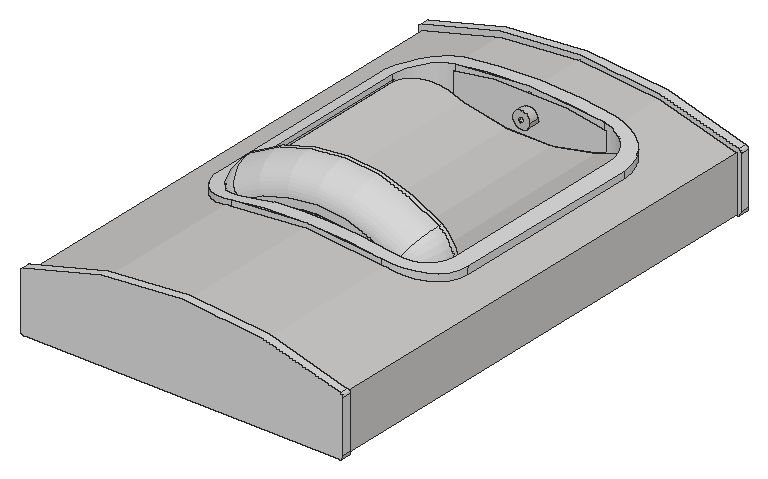
Revit family "Bottle_Filler-Sensor_Operated-Murdock-BFI6_Series", category Plumbing Fixtures, host Face, Revit 2018
Family settings
  Host = Face
  Round Connector Dimension = Use Diameter
  Part Type = Normal
  OmniClass Number = 23.65.70.14.11
  OmniClass Title = Drinking Fountains/Coolers
  Cut with Voids When Loaded = Yes
  Shared = Yes
  Room Calculation Point = No
Parameters (values of type "BF16")
  Width = 7 3/8"  # constant formula
  Waste Connection Width = 3 1/2"
  Waste Connection Radius = 3/4"
  Waste Connection Height = 29 1/8"  # constant formula
  Waste Connection Diameter = Waste Connection Radius * 2  # 1 1/2"
  Waste Connection = yes
  Warranty Information = "Murdock warrants that its products are free from defects in material or workmanship under normal use and service for a period of one year from date of shipment from the factory. Murdocks’s liability under this warranty shall be discharged solely by repair or replacement of defective material, provided Murdock is notified in writing within the time periods described above. This warranty does not cover installation or labor charges and does not apply to materials, which have been damaged by other causes such as mishandling or improper care or abnormal use. The repair or replacement of the defective materials shall constitute the sole remedy of the Buyer and the sole remedy of Murdock under this warranty. Murdock shall not be liable under any circumstances for incidental, consequential or direct charges caused by defects in the materials, or any delay in the repair or replacement thereof.  This warranty is in lieu of all other warranties expressed or implied. Product maintenance instructions are issued with each unit and disregard or non-compliance with these instructions will constitute an abnormal use condition and void the warranty. Stainless steel must be protected on jobsite during construction and must be properly maintained after the water has been introduced into the water cooler or drinking fountain, or Murdock’s limited warranty is void."  # constant formula
  WFU = 2  # constant formula
  WF3 - 3000 gallon capacity, NSF 42+53, 1 micron Lead Reduction Water Filter = no
  WF1 - 1500 gallon capacity, NSF 42+53, 1 micron Lead Reduction Water Filter = no
  Vent Connection = no
  URL = "https://www.murdockmfg.com/home"
  Type Comments = ""
  Transformer Specification = "120 VAC/9 VDC plug-in Transformer"  # constant formula
  Sink Material = Metal-Murdock-304-Stainless_Steel-Light_Grey
  Product Page URL = "https://www.murdockmfg.com/product.aspx?ProductId=308"
  Product Documentation Link = "https://www.murdockmfg.com/uploads/fileLibrary/BF16.pdf"
  Price = "Prices may vary. Please consult Manufacturer Representative for most up-to-date price list."  # constant formula
  Pressure Range = "20 to 105 PSIG"  # constant formula
  Model = "BF16"
  Maximum Run Time = "20 Seconds"  # constant formula
  Manufacturer = "Murdock Mfg."  # constant formula
  Length = 18 1/4"  # constant formula
  LOGO - Customer Specified Logo / Graphics = no
  Installation Type = "Wall Mounted"  # constant formula
  IAPMO Compliance = "Certified to ANSI A117.1, Public Law 111-380 (NO-LEAD), CHSC\n116875 and NSF/ANSI 61, Section 9."  # constant formula
  Height = 29 1/2"  # constant formula
  HWFU = 0
  HW Connection = yes
  Flow Rate = "1.00 GPM"  # constant formula
  Fill Rate = "1.1 GPM"  # constant formula
  Description = "Surface Mounted Sensor Operated Bottle Filler"  # constant formula
  Default Elevation = 34 1/2"  # constant formula
  Creation Date = "02/25/2021"  # constant formula
  Cold Water Connection Width = 6 1/4"
  Cold Water Connection Radius = Cold Water Connection Diameter / 2  # 3/16"
  Cold Water Connection Height = 26 1/4"  # constant formula
  Cold Water Connection Diameter = 3/8"
  CWFU = 1.5  # constant formula
  CW Connection = yes
  Body Material = Metal-Murdock-304-Stainless_Steel
  Basin Shape = "Oval"  # constant formula
  BCD - Bottle Counter Display = no
  BAT - Battery Operated (N/A With Bottle Counter) = no
  Assembly Code = "D2010800"
  110VAC Electrical Duplex Receptacle, by others = yes
Types (3): name | Model | BCD - Bottle Counter Display
  (no name) | "BF16" | no
  BF16 | "BF16" | no
  BF16-BCD | "BF16-BCD" | yes
Reference planes (in)
  plane 1 "Center (Front/Back)": y = 0
  plane 2: z = 0
  plane 3 "Center (Left/Right)": x = 0
  plane 4: y = 14.75
  plane 5: y = -14.75
  plane 6: y = -14.25
  plane 7: y = -10.875
  plane 8: y = -8
  plane 9: y = -4.84375
  plane 10: y = -4.15625
  plane 11: y = -2.625
  plane 12: y = 10
  plane 13: y = 10.53125
  plane 14: y = 14.25
  plane 15: z = 5
  plane 16: z = 7.375
  plane 17: z = 4.875
  plane 18: z = 3.625
  plane 19: z = 2.4375
  plane 20: z = -2
  plane 21: x = -9.125
  plane 22: x = 9.125
  plane 23: x = 3.5
  plane 24: x = 6.25
  plane 25: x = -4
  plane 26: y = -37.125
  plane 27: y = -9.25
Forms (in)
  Extrusion 1, solid, material "Metal-Murdock-304-Stainless_Steel-Light_Grey" <- "Sink Material"
    sketch origin (21.84744, 29.5, 0) x (1, 0, 0) y (0, 0, -1)
      loop
        line (-12.44119, -3.27179) -> (-12.44119, -0.25)
        arc (-12.44119, -0.25) -> (-12.51441, -0.07322) -> (-12.69119, 0) r 0.25
        line (-12.69119, 0) -> (-31.00369, 0)
        arc (-31.00369, 0) -> (-31.18046, -0.07322) -> (-31.25369, -0.25) r 0.25
        line (-31.25369, -0.25) -> (-31.25369, -3.27179)
        arc (-31.25369, -3.27179) -> (-31.20878, -3.41475) -> (-31.09018, -3.50635) r 0.25
        arc (-31.09018, -3.50635) -> (-21.84744, -5.15625) -> (-12.60469, -3.50635) r 26.71394
        arc (-12.60469, -3.50635) -> (-12.4861, -3.41475) -> (-12.44119, -3.27179) r 0.25
    from -44.25 to -43.75
  Extrusion 2, solid, material "Metal-Murdock-304-Stainless_Steel" <- "Body Material"
    sketch origin (21.84744, 29.5, 0) x (1, 0, 0) y (0, 0, -1)
      loop
        arc (-30.97244, -3.25) -> (-21.84744, -4.875) -> (-12.72244, -3.25) r 26.43269
        line (-12.72244, -3.25) -> (-12.72244, 0) -> (-30.97244, 0) -> (-30.97244, -3.25)
    from -43.75 to -15.25
  Extrusion 3, solid, material "Metal-Murdock-304-Stainless_Steel-Light_Grey" <- "Sink Material"
    sketch origin (21.84744, -29.5, 0) x (1, 0, 0) y (0, 0, 1)
      loop
        arc (-12.44119, 3.27179) -> (-12.4861, 3.41475) -> (-12.60469, 3.50635) r 0.25
        arc (-12.60469, 3.50635) -> (-21.84744, 5.15625) -> (-31.09018, 3.50635) r 26.71394
        arc (-31.09018, 3.50635) -> (-31.20878, 3.41475) -> (-31.25369, 3.27179) r 0.25
        line (-31.25369, 3.27179) -> (-31.25369, 0.25)
        arc (-31.25369, 0.25) -> (-31.18046, 0.07322) -> (-31.00369, 0) r 0.25
        line (-31.00369, 0) -> (-12.69119, 0)
        arc (-12.69119, 0) -> (-12.51441, 0.07322) -> (-12.44119, 0.25) r 0.25
        line (-12.44119, 0.25) -> (-12.44119, 3.27179)
    from -44.25 to -43.75
  Extrusion 4, solid
    sketch origin (21.81619, 14.75, 0) x (1, 0, 0) y (0, 0, -1)
      loop
        arc (-15.56636, -4.00081) -> (-21.81254, -2.43755) -> (-28.06678, -3.96826) r 13.3997
        arc (-28.06678, -3.96826) -> (-27.83311, -4.85978) -> (-27.21251, -5.54115) r 1.92906
        arc (-27.21251, -5.54115) -> (-21.81619, -7.18331) -> (-16.41987, -5.54115) r 9.68749
        arc (-16.41987, -5.54115) -> (-15.80709, -4.87406) -> (-15.56636, -4.00081) r 1.92906
      loop
        circle (-21.84744, -4.875) r 0.5
      loop
        circle (-21.84744, -4.875) r 0.38108
      loop
        arc (-22.45201, -6.24476) -> (-22.7604, -5.58885) -> (-22.85405, -4.87014) r 2.34791
        arc (-22.85405, -4.87014) -> (-22.7604, -4.15144) -> (-22.45201, -3.49553) r 2.34791
        arc (-22.45201, -3.49553) -> (-22.48521, -3.32518) -> (-22.65546, -3.35891) r 0.12253
        arc (-22.65546, -3.35891) -> (-22.99922, -4.0806) -> (-23.12422, -4.87014) r 2.78993
        arc (-23.12422, -4.87014) -> (-22.99922, -5.65969) -> (-22.65546, -6.38138) r 2.78993
        arc (-22.65546, -6.38138) -> (-22.48521, -6.41511) -> (-22.45201, -6.24476) r 0.12253
      loop
        arc (-23.35405, -4.87014) -> (-23.2604, -4.15144) -> (-22.95201, -3.49553) r 2.34791
        arc (-22.95201, -3.49553) -> (-22.98521, -3.32518) -> (-23.15546, -3.35891) r 0.12253
        arc (-23.15546, -3.35891) -> (-23.49922, -4.0806) -> (-23.62422, -4.87014) r 2.78993
        arc (-23.62422, -4.87014) -> (-23.49922, -5.65969) -> (-23.15546, -6.38138) r 2.78993
        arc (-23.15546, -6.38138) -> (-22.98521, -6.41511) -> (-22.95201, -6.24476) r 0.12253
        arc (-22.95201, -6.24476) -> (-23.2604, -5.58885) -> (-23.35405, -4.87014) r 2.34791
      loop
        arc (-23.3389, -6.28319) -> (-23.87523, -4.74985) -> (-23.55313, -3.15767) r 3.06679
        arc (-23.55313, -3.15767) -> (-23.62111, -2.95019) -> (-23.82874, -3.01772) r 0.15456
        arc (-23.82874, -3.01772) -> (-24.18694, -4.771) -> (-23.59094, -6.45833) r 3.34804
        arc (-23.59094, -6.45833) -> (-23.37759, -6.49642) -> (-23.3389, -6.28319) r 0.15346
      loop
        arc (-23.79717, -6.56027) -> (-24.44367, -4.95287) -> (-24.13648, -3.24778) r 3.13106
        arc (-24.13648, -3.24778) -> (-24.1942, -3.0781) -> (-24.36376, -3.13618) r 0.1266
        arc (-24.36376, -3.13618) -> (-24.69249, -4.97874) -> (-23.99988, -6.71753) r 3.41231
        arc (-23.99988, -6.71753) -> (-23.81967, -6.74055) -> (-23.79717, -6.56027) r 0.12828
      loop
        arc (-24.37064, -6.53492) -> (-24.88044, -4.98809) -> (-24.67538, -3.37236) r 3.69356
        arc (-24.67538, -3.37236) -> (-24.7509, -3.21093) -> (-24.91222, -3.28667) r 0.12593
        arc (-24.91222, -3.28667) -> (-25.12941, -5.01228) -> (-24.58905, -6.66542) r 3.97481
        arc (-24.58905, -6.66542) -> (-24.41446, -6.70961) -> (-24.37064, -6.53492) r 0.12721
      loop
        arc (-24.95717, -6.38686) -> (-25.3241, -4.93785) -> (-25.16741, -3.45135) r 4.25606
        arc (-25.16741, -3.45135) -> (-25.25329, -3.29575) -> (-25.40881, -3.38179) r 0.12561
        arc (-25.40881, -3.38179) -> (-25.57353, -4.95579) -> (-25.18764, -6.49063) r 4.53731
        arc (-25.18764, -6.49063) -> (-25.02044, -6.55415) -> (-24.95717, -6.38686) r 0.12638
      loop
        arc (-25.51192, -6.13393) -> (-25.79663, -4.80047) -> (-25.68161, -3.44181) r 4.64197
        arc (-25.68161, -3.44181) -> (-25.77495, -3.29091) -> (-25.92578, -3.38435) r 0.12542
        arc (-25.92578, -3.38435) -> (-26.04619, -4.81623) -> (-25.74803, -6.2219) r 4.92322
        arc (-25.74803, -6.2219) -> (-25.58594, -6.29611) -> (-25.51192, -6.13393) r 0.12598
      loop
        arc (-26.50583, -5.69422) -> (-26.62697, -4.78435) -> (-26.47782, -3.87865) r 3.11664
        arc (-26.47782, -3.87865) -> (-26.55922, -3.72041) -> (-26.71735, -3.80204) r 0.12574
        arc (-26.71735, -3.80204) -> (-26.87695, -4.78049) -> (-26.74733, -5.76336) r 3.39789
        arc (-26.74733, -5.76336) -> (-26.59196, -5.8497) -> (-26.50583, -5.69422) r 0.1256
      loop
        arc (-27.04407, -5.40058) -> (-27.11683, -4.70672) -> (-27.03763, -4.01356) r 3.20317
        arc (-27.03763, -4.01356) -> (-27.12092, -3.88175) -> (-27.25255, -3.96531) r 0.11013
        arc (-27.25255, -3.96531) -> (-27.33558, -4.7057) -> (-27.2593, -5.44683) r 3.48442
        arc (-27.2593, -5.44683) -> (-27.12852, -5.53153) -> (-27.04407, -5.40058) r 0.11007
      loop
        arc (-21.18036, -6.24476) -> (-21.14716, -6.41511) -> (-20.97691, -6.38138) r 0.12253
        arc (-20.97691, -6.38138) -> (-20.63315, -5.65969) -> (-20.50815, -4.87014) r 2.78993
        arc (-20.50815, -4.87014) -> (-20.63315, -4.0806) -> (-20.97691, -3.35891) r 2.78993
        arc (-20.97691, -3.35891) -> (-21.14716, -3.32518) -> (-21.18036, -3.49553) r 0.12253
        arc (-21.18036, -3.49553) -> (-20.87197, -4.15144) -> (-20.77833, -4.87014) r 2.34791
        arc (-20.77833, -4.87014) -> (-20.87197, -5.58885) -> (-21.18036, -6.24476) r 2.34791
      loop
        arc (-20.27833, -4.87014) -> (-20.37197, -5.58885) -> (-20.68036, -6.24476) r 2.34791
        arc (-20.68036, -6.24476) -> (-20.64716, -6.41511) -> (-20.47691, -6.38138) r 0.12253
        arc (-20.47691, -6.38138) -> (-20.13315, -5.65969) -> (-20.00815, -4.87014) r 2.78993
        arc (-20.00815, -4.87014) -> (-20.13315, -4.0806) -> (-20.47691, -3.35891) r 2.78993
        arc (-20.47691, -3.35891) -> (-20.64716, -3.32518) -> (-20.68036, -3.49553) r 0.12253
        arc (-20.68036, -3.49553) -> (-20.37197, -4.15144) -> (-20.27833, -4.87014) r 2.34791
      loop
        arc (-20.29347, -6.28319) -> (-20.25478, -6.49642) -> (-20.04144, -6.45833) r 0.15346
        arc (-20.04144, -6.45833) -> (-19.44544, -4.771) -> (-19.80363, -3.01772) r 3.34804
        arc (-19.80363, -3.01772) -> (-20.01126, -2.95019) -> (-20.07924, -3.15767) r 0.15456
        arc (-20.07924, -3.15767) -> (-19.75715, -4.74985) -> (-20.29347, -6.28319) r 3.06679
      loop
        arc (-19.8352, -6.56027) -> (-19.8127, -6.74055) -> (-19.63249, -6.71753) r 0.12828
        arc (-19.63249, -6.71753) -> (-18.93988, -4.97874) -> (-19.26862, -3.13618) r 3.41231
        arc (-19.26862, -3.13618) -> (-19.43817, -3.0781) -> (-19.49589, -3.24778) r 0.1266
        arc (-19.49589, -3.24778) -> (-19.1887, -4.95287) -> (-19.8352, -6.56027) r 3.13106
      loop
        arc (-19.26173, -6.53492) -> (-19.21792, -6.70961) -> (-19.04333, -6.66542) r 0.12721
        arc (-19.04333, -6.66542) -> (-18.50296, -5.01228) -> (-18.72015, -3.28667) r 3.97481
        arc (-18.72015, -3.28667) -> (-18.88147, -3.21093) -> (-18.95699, -3.37236) r 0.12593
        arc (-18.95699, -3.37236) -> (-18.75193, -4.98809) -> (-19.26173, -6.53492) r 3.69356
      loop
        arc (-18.67521, -6.38686) -> (-18.61193, -6.55415) -> (-18.44474, -6.49063) r 0.12638
        arc (-18.44474, -6.49063) -> (-18.05884, -4.95579) -> (-18.22357, -3.38179) r 4.53731
        arc (-18.22357, -3.38179) -> (-18.37908, -3.29575) -> (-18.46497, -3.45135) r 0.12561
        arc (-18.46497, -3.45135) -> (-18.30828, -4.93785) -> (-18.67521, -6.38686) r 4.25606
      loop
        arc (-18.12046, -6.13393) -> (-18.04643, -6.29611) -> (-17.88434, -6.2219) r 0.12598
        arc (-17.88434, -6.2219) -> (-17.58618, -4.81623) -> (-17.7066, -3.38435) r 4.92322
        arc (-17.7066, -3.38435) -> (-17.85743, -3.29091) -> (-17.95076, -3.44181) r 0.12542
        arc (-17.95076, -3.44181) -> (-17.83574, -4.80047) -> (-18.12046, -6.13393) r 4.64197
      loop
        arc (-17.12655, -5.69422) -> (-17.04041, -5.8497) -> (-16.88504, -5.76336) r 0.1256
        arc (-16.88504, -5.76336) -> (-16.75543, -4.78049) -> (-16.91503, -3.80204) r 3.39789
        arc (-16.91503, -3.80204) -> (-17.07315, -3.72041) -> (-17.15456, -3.87865) r 0.12574
        arc (-17.15456, -3.87865) -> (-17.0054, -4.78435) -> (-17.12655, -5.69422) r 3.11664
      loop
        arc (-16.58831, -5.40058) -> (-16.50386, -5.53153) -> (-16.37307, -5.44683) r 0.11007
        arc (-16.37307, -5.44683) -> (-16.2968, -4.7057) -> (-16.37982, -3.96531) r 3.48442
        arc (-16.37982, -3.96531) -> (-16.51145, -3.88175) -> (-16.59474, -4.01356) r 0.11013
        arc (-16.59474, -4.01356) -> (-16.51555, -4.70672) -> (-16.58831, -5.40058) r 3.20317
    from -17.62868 to -17.375
  Sweep 5, solid, material "Metal-Murdock-304-Stainless_Steel-Light_Grey" <- "Sink Material"
    path origin (21.84744, -2.625, 0) x (1, 0, 0) y (0, 0, -1)
      loop
        arc (-28.21313, -4.02929) -> (-27.95272, -4.9415) -> (-27.30885, -5.6382) r 2.04592
        arc (-27.30885, -5.6382) -> (-21.84744, -7.30018) -> (-16.38602, -5.6382) r 9.80436
        arc (-16.38602, -5.6382) -> (-15.75026, -4.95579) -> (-15.48346, -4.0621) r 2.04592
    profile origin (-6.10528, -2.625, 4.9415) x (0.871747, 0, -0.489956) y (0, 1, 0)
      loop
        spline (-0.00813, -0.24184) -> (0.00565, -0.51386) -> (0.04561, -0.77768) -> (0.11221, -1.03424) -> (0.20312, -1.275) -> (0.31765, -1.4982) -> (0.4532, -1.69861) -> (0.60808, -1.87399) -> (0.77956, -2.02122) -> (0.96539, -2.13826) -> (1.16245, -2.22329) -> (1.36683, -2.27469) -> (1.5781, -2.29222)
        line (1.5781, -2.29222) -> (2.0349, -2.29222) -> (2.0349, -2.16661) -> (1.5781, -2.16661)
        spline (1.5781, -2.16661) -> (1.38692, -2.15079) -> (1.20222, -2.10434) -> (1.02342, -2.02713) -> (0.85357, -1.91985) -> (0.69551, -1.78411) -> (0.55195, -1.62172) -> (0.42537, -1.43447) -> (0.31735, -1.22409) -> (0.23136, -0.99631) -> (0.16808, -0.75252) -> (0.12998, -0.5012) -> (0.11687, -0.24151)
        line (0.11687, -0.24151) -> (0.11687, 0) -> (-0.00813, 0) -> (-0.00813, -0.24184)
  Extrusion 6, solid, material "Metal-Murdock-304-Stainless_Steel-Light_Grey" <- "Sink Material"
    sketch origin (0, -14.75, 0) x (1, 0, 0) y (0, 1, 0)
      loop
        line (4.37725, 26.044) -> (-4.37725, 26.044)
        spline (-4.37725, 26.044) -> (-4.74348, 26.01996) -> (-5.1035, 25.94864) -> (-5.45117, 25.83126) -> (-5.78046, 25.66938) -> (-6.08596, 25.46611) -> (-6.36237, 25.22489) -> (-6.6047, 24.9495) -> (-6.80909, 24.64489) -> (-6.97196, 24.3163) -> (-7.09014, 23.96916) -> (-7.16198, 23.60953) -> (-7.18621, 23.24362)
        line (-7.18621, 23.24362) -> (-7.18621, 11.88316)
        spline (-7.18621, 11.88316) -> (-7.16198, 11.51725) -> (-7.09014, 11.15761) -> (-6.97196, 10.81048) -> (-6.80909, 10.48189) -> (-6.6047, 10.17728) -> (-6.36237, 9.90189) -> (-6.08596, 9.66067) -> (-5.78046, 9.4574) -> (-5.45117, 9.29552) -> (-5.1035, 9.17813) -> (-4.74348, 9.10682) -> (-4.37725, 9.08278)
        line (-4.37725, 9.08278) -> (4.37725, 9.08278)
        spline (4.37725, 9.08278) -> (4.74309, 9.10669) -> (5.10277, 9.17765) -> (5.45017, 9.29448) -> (5.77932, 9.45562) -> (6.08479, 9.65805) -> (6.36129, 9.89837) -> (6.6038, 10.17285) -> (6.80842, 10.47658) -> (6.97154, 10.80433) -> (7.08994, 11.15069) -> (7.16192, 11.50961) -> (7.18621, 11.87482)
        line (7.18621, 11.87482) -> (7.18621, 23.25195)
        spline (7.18621, 23.25195) -> (7.16192, 23.61717) -> (7.08994, 23.97608) -> (6.97154, 24.32245) -> (6.80842, 24.6502) -> (6.6038, 24.95393) -> (6.36129, 25.22841) -> (6.08479, 25.46872) -> (5.77932, 25.67116) -> (5.45017, 25.8323) -> (5.10277, 25.94913) -> (4.74309, 26.02009) -> (4.37725, 26.044)
      loop
        line (4.33428, 25.294) -> (-4.31475, 25.294)
        spline (-4.31475, 25.294) -> (-4.58349, 25.27646) -> (-4.84764, 25.22414) -> (-5.10268, 25.13792) -> (-5.34423, 25.0193) -> (-5.56816, 24.8703) -> (-5.77065, 24.69346) -> (-5.94823, 24.49181) -> (-6.09786, 24.26881) -> (-6.21698, 24.02827) -> (-6.30355, 23.7743) -> (-6.35609, 23.51125) -> (-6.37371, 23.24362)
        line (-6.37371, 23.24362) -> (-6.37371, 11.88316)
        spline (-6.37371, 11.88316) -> (-6.35609, 11.61553) -> (-6.30355, 11.35248) -> (-6.21698, 11.09851) -> (-6.09786, 10.85797) -> (-5.94823, 10.63497) -> (-5.77065, 10.43332) -> (-5.56816, 10.25648) -> (-5.34423, 10.10748) -> (-5.10268, 9.98885) -> (-4.84764, 9.90264) -> (-4.58349, 9.85032) -> (-4.31475, 9.83278)
        line (-4.31475, 9.83278) -> (4.33428, 9.83278)
        spline (4.33428, 9.83278) -> (4.60303, 9.85025) -> (4.86718, 9.90236) -> (5.12221, 9.98822) -> (5.36376, 10.10636) -> (5.58769, 10.25476) -> (5.79018, 10.43088) -> (5.96776, 10.6317) -> (6.11739, 10.8538) -> (6.23651, 11.09337) -> (6.32308, 11.3463) -> (6.37562, 11.60828) -> (6.39324, 11.87482)
        line (6.39324, 11.87482) -> (6.39324, 23.25195)
        spline (6.39324, 23.25195) -> (6.37562, 23.51849) -> (6.32308, 23.78047) -> (6.23651, 24.03341) -> (6.11739, 24.27298) -> (5.96776, 24.49507) -> (5.79018, 24.6959) -> (5.58769, 24.87202) -> (5.36376, 25.02042) -> (5.12221, 25.13856) -> (4.86718, 25.22442) -> (4.60303, 25.27653) -> (4.33428, 25.294)
    from 0 to 7.375
  Extrusion 7, void
    sketch origin (0, 0, 0) x (1, 0, 0) y (0, 1, 0)
      loop
        circle (3.5, -8) r 0.75
      loop
        circle (6.25, -10.875) r 0.1875
    from 0 to 2.4375
  Extrusion 8, solid, material "Metal-Murdock-304-Stainless_Steel" <- "Body Material"
    sketch origin (64.85245, 10, 0) x (1, 0, 0) y (0, 0, -1)
      loop
        circle (-64.85245, -3.625) r 0.5
      loop
        circle (-64.85245, -3.625) r 0.14544
    from 0 to 4.25
  Extrusion 9, void
    sketch origin (64.85245, 10, 0) x (-1, 0, 0) y (0, 0, -1)
      loop
        line (55.72745, -7.375) -> (73.97745, -7.375) -> (73.97745, -3.54946)
        arc (73.97745, -3.54946) -> (64.85245, -5.15625) -> (55.72745, -3.54946) r 26.71394
        line (55.72745, -3.54946) -> (55.72745, -7.375)
    from -4.25 to 18
  Extrusion 10, void
    sketch origin (64.85245, 10, 0) x (-1, 0, 0) y (0, 0, -1)
      loop
        arc (58.45855, -4.0784) -> (58.80561, -5.08608) -> (59.61244, -5.78242) r 2.04564
        arc (59.61244, -5.78242) -> (64.98457, -7.29929) -> (70.31387, -5.6382) r 9.80436
        arc (70.31387, -5.6382) -> (70.95773, -4.9415) -> (71.21814, -4.02929) r 2.04592
        arc (71.21814, -4.02929) -> (64.83212, -2.4376) -> (58.45855, -4.0784) r 13.3997
    from -0.53125 to 14.15625
  Extrusion 11, solid, material "Metal-Murdock-304-Stainless_Steel-Light_Grey" <- "Sink Material"
    sketch origin (-4.32176, -4.91722, 3.93909) x (0.044086, 0, 0.999028) y (-0.999028, 0, 0.044086)
      loop
        arc (-0.56143, 0.69412) -> (-1.30996, -4.37534) -> (-0.10081, -9.35507) r 13.3997
        arc (-0.10081, -9.35507) -> (1.51483, -4.24587) -> (-0.56143, 0.69412) r 7.76946
    from -1.33139 to 0
  Extrusion 12, solid, material "Metal-Murdock-304-Stainless_Steel-Light_Grey" <- "Sink Material", visible <- "BCD - Bottle Counter Display"
    sketch origin (19.61504, 0, 0) x (1, 0, 0) y (0, 1, 0)
      loop
        arc (-17.77711, 11.72356) -> (-17.24678, 11.94323) -> (-17.02711, 12.47356) r 0.75
        line (-17.02711, 12.47356) -> (-17.02711, 13.47356)
        arc (-17.02711, 13.47356) -> (-17.17356, 13.82711) -> (-17.52711, 13.97356) r 0.5
        arc (-17.52711, 13.97356) -> (-19.53317, 14.07887) -> (-21.53923, 13.97356) r 19.15973
        arc (-21.53923, 13.97356) -> (-21.97846, 13.79163) -> (-22.16039, 13.3524) r 0.62116
        line (-22.16039, 13.3524) -> (-22.16039, 12.47356)
        arc (-22.16039, 12.47356) -> (-21.94072, 11.94323) -> (-21.41039, 11.72356) r 0.75
        arc (-21.41039, 11.72356) -> (-19.59375, 11.74312) -> (-17.77711, 11.72356) r 84.35591
    from 0 to 7.375
  Extrusion 13, solid, material "Metal-Murdock-304-Stainless_Steel" <- "Body Material", visible <- "110VAC Electrical Duplex Receptacle, by others"
    sketch origin (13.84744, 31.12609, 0) x (1, 0, 0) y (0, 0, -1)
      loop
        line (-17.1109, 0) -> (-17.1109, 2) -> (-18.58397, 2) -> (-18.58397, 0) -> (-17.1109, 0)
    from -41.42114 to -39.33104
Cuts and joins
  Extrusion 7, Extrusion 9, Extrusion 10 cuts Extrusion 2
  Extrusion 9 cuts Extrusion 6
  Extrusion 9 cuts Extrusion 8
  Extrusion 9 cuts Extrusion 12
Lines and regions (in)
  Masking region 1
    outline origin (21.84744, 14.75, 0) x (1, 0, 0) y (0, 0, 1)
      loop
        arc (-12.44119, 3.27179) -> (-12.4861, 3.41475) -> (-12.60469, 3.50635) r 0.25
        arc (-12.60469, 3.50635) -> (-14.05126, 3.99332) -> (-15.52329, 4.39688) r 26.71394
        arc (-15.52329, 4.39688) -> (-15.83314, 5.10291) -> (-16.38149, 5.64496) r 2.05406
        arc (-16.38149, 5.64496) -> (-21.84744, 7.30831) -> (-27.31339, 5.64496) r 9.81249
        arc (-27.31339, 5.64496) -> (-27.86173, 5.10291) -> (-28.17159, 4.39688) r 2.05406
        arc (-28.17159, 4.39688) -> (-29.64361, 3.99332) -> (-31.09018, 3.50635) r 26.71394
        arc (-31.09018, 3.50635) -> (-31.20878, 3.41475) -> (-31.25369, 3.27179) r 0.25
        line (-31.25369, 3.27179) -> (-31.25369, 0.25)
        arc (-31.25369, 0.25) -> (-31.18046, 0.07322) -> (-31.00369, 0) r 0.25
        line (-31.00369, 0) -> (-12.69119, 0)
        arc (-12.69119, 0) -> (-12.51441, 0.07322) -> (-12.44119, 0.25) r 0.25
        line (-12.44119, 0.25) -> (-12.44119, 3.27179)
  symbolic lines, detail levels medium+fine
    curve 1: arc (5.39632, -2.625, 5.54115) -> (0, -2.625, 7.18331) -> (-5.39632, -2.625, 5.54115) r 9.68749
    curve 2: arc (-6.18735, -2.625, 4.42983) -> (-5.89334, -2.625, 5.05774) -> (-5.39632, -2.625, 5.54115) r 1.92906
    curve 3: arc (5.39632, -2.625, 5.54115) -> (5.89334, -2.625, 5.05774) -> (6.18735, -2.625, 4.42983) r 1.92906
    curve 33: arc (6.39324, -2.625, 4.37995) -> (0.01006, -2.625, 5.15625) -> (-6.37371, -2.625, 4.38476) r 26.71394
    curve 61: circle (7.62622, -2.625, 1.77256) r 0.25 normal (0, 1, 0)
    curve 62: circle (7.62622, -2.625, 1.77256) r 0.125 normal (0, 1, 0)
    curve 63: circle (-7.62622, -2.625, 1.77256) r 0.25 normal (0, -1, 0)
    curve 64: circle (-7.62622, -2.625, 1.77256) r 0.125 normal (0, -1, 0)
  symbolic lines, detail levels fine
    curve 4: arc (5.51657, -2.625, 4.58044) -> (5.50697, -2.625, 5.01594) -> (5.44311, -2.625, 5.44683) r 3.48442
    curve 5: arc (5.44311, -2.625, 5.44683) -> (5.31233, -2.625, 5.53153) -> (5.22788, -2.625, 5.40058) r 0.11007
    curve 6: arc (5.22788, -2.625, 5.40058) -> (5.28719, -2.625, 5.01515) -> (5.29923, -2.625, 4.62537) r 3.20317
    curve 7: arc (5.05742, -2.625, 4.67315) -> (5.03859, -2.625, 5.22339) -> (4.93115, -2.625, 5.76336) r 3.39789
    curve 8: arc (4.93115, -2.625, 5.76336) -> (4.77578, -2.625, 5.8497) -> (4.68964, -2.625, 5.69422) r 0.1256
    curve 9: arc (4.68964, -2.625, 5.69422) -> (4.78799, -2.625, 5.21175) -> (4.80912, -2.625, 4.71981) r 3.11664
    curve 10: arc (4.22982, -2.625, 4.81926) -> (4.13217, -2.625, 5.53148) -> (3.93184, -2.625, 6.2219) r 4.92322
    curve 11: arc (3.93184, -2.625, 6.2219) -> (3.76976, -2.625, 6.29611) -> (3.69573, -2.625, 6.13393) r 0.12598
    curve 12: arc (3.69573, -2.625, 6.13393) -> (3.88114, -2.625, 5.50621) -> (3.97641, -2.625, 4.85865) r 4.64197
    curve 13: arc (3.76154, -2.625, 4.8901) -> (3.63974, -2.625, 5.70822) -> (3.37145, -2.625, 6.49063) r 4.53731
    curve 14: arc (3.37145, -2.625, 6.49063) -> (3.20425, -2.625, 6.55415) -> (3.14098, -2.625, 6.38686) r 0.12638
    curve 15: arc (3.14098, -2.625, 6.38686) -> (3.39016, -2.625, 5.67225) -> (3.50882, -2.625, 4.92481) r 4.25606
    curve 16: arc (3.31874, -2.625, 4.9493) -> (3.14427, -2.625, 5.83868) -> (2.77286, -2.625, 6.66542) r 3.97481
    curve 17: arc (2.77286, -2.625, 6.66542) -> (2.59827, -2.625, 6.70961) -> (2.55445, -2.625, 6.53492) r 0.12721
    curve 18: arc (2.55445, -2.625, 6.53492) -> (2.89697, -2.625, 5.78602) -> (3.06504, -2.625, 4.97983) r 3.69356
    curve 19: arc (2.87395, -2.625, 5.00121) -> (2.64735, -2.625, 5.90703) -> (2.1837, -2.625, 6.71753) r 3.41231
    curve 20: arc (2.1837, -2.625, 6.71753) -> (2.00348, -2.625, 6.74055) -> (1.98099, -2.625, 6.56027) r 0.12828
    curve 21: arc (1.98099, -2.625, 6.56027) -> (2.40339, -2.625, 5.83697) -> (2.61893, -2.625, 5.02757) r 3.13106
    curve 22: arc (2.33911, -2.625, 5.05365) -> (2.13736, -2.625, 5.7883) -> (1.77475, -2.625, 6.45833) r 3.34804
    curve 23: arc (1.77475, -2.625, 6.45833) -> (1.56141, -2.625, 6.49642) -> (1.52272, -2.625, 6.28319) r 0.15346
    curve 24: arc (1.52272, -2.625, 6.28319) -> (1.83509, -2.625, 5.70813) -> (2.01835, -2.625, 5.07989) r 3.06679
    curve 25: arc (1.79589, -2.625, 5.09582) -> (1.64737, -2.625, 5.76694) -> (1.33927, -2.625, 6.38138) r 2.78993
    curve 26: arc (1.33927, -2.625, 6.38138) -> (1.16903, -2.625, 6.41511) -> (1.13583, -2.625, 6.24476) r 0.12253
    curve 27: arc (1.13583, -2.625, 6.24476) -> (1.40721, -2.625, 5.70423) -> (1.53151, -2.625, 5.11231) r 2.34791
    curve 28: arc (1.29298, -2.625, 5.12494) -> (1.14244, -2.625, 5.78072) -> (0.83927, -2.625, 6.38138) r 2.78993
    curve 29: arc (0.83927, -2.625, 6.38138) -> (0.66903, -2.625, 6.41511) -> (0.63583, -2.625, 6.24476) r 0.12253
    curve 30: arc (0.63583, -2.625, 6.24476) -> (0.90319, -2.625, 5.71563) -> (1.02951, -2.625, 5.1364) r 2.34791
    curve 31: arc (-0.2901, -2.625, 5.15467) -> (-0.0317, -2.625, 5.25608) -> (0.22693, -2.625, 5.15529) r 0.38108
    curve 32: arc (0.38401, -2.625, 5.15349) -> (-0.03184, -2.625, 5.375) -> (-0.44717, -2.625, 5.15251) r 0.5
    curve 34: arc (-5.51657, -2.625, 4.58044) -> (-5.50697, -2.625, 5.01594) -> (-5.44311, -2.625, 5.44683) r 3.48442
    curve 35: arc (-5.44311, -2.625, 5.44683) -> (-5.31233, -2.625, 5.53153) -> (-5.22788, -2.625, 5.40058) r 0.11007
    curve 36: arc (-5.22788, -2.625, 5.40058) -> (-5.28719, -2.625, 5.01515) -> (-5.29923, -2.625, 4.62537) r 3.20317
    curve 37: arc (-5.05742, -2.625, 4.67315) -> (-5.03859, -2.625, 5.22339) -> (-4.93115, -2.625, 5.76336) r 3.39789
    curve 38: arc (-4.93115, -2.625, 5.76336) -> (-4.77578, -2.625, 5.8497) -> (-4.68964, -2.625, 5.69422) r 0.1256
    curve 39: arc (-4.68964, -2.625, 5.69422) -> (-4.78799, -2.625, 5.21175) -> (-4.80912, -2.625, 4.71981) r 3.11664
    curve 40: arc (-4.22982, -2.625, 4.81926) -> (-4.13217, -2.625, 5.53148) -> (-3.93184, -2.625, 6.2219) r 4.92322
    curve 41: arc (-3.93184, -2.625, 6.2219) -> (-3.76976, -2.625, 6.29611) -> (-3.69573, -2.625, 6.13393) r 0.12598
    curve 42: arc (-3.69573, -2.625, 6.13393) -> (-3.88114, -2.625, 5.50621) -> (-3.97641, -2.625, 4.85865) r 4.64197
    curve 43: arc (-3.76154, -2.625, 4.8901) -> (-3.63974, -2.625, 5.70822) -> (-3.37145, -2.625, 6.49063) r 4.53731
    curve 44: arc (-3.37145, -2.625, 6.49063) -> (-3.20425, -2.625, 6.55415) -> (-3.14098, -2.625, 6.38686) r 0.12638
    curve 45: arc (-3.14098, -2.625, 6.38686) -> (-3.39016, -2.625, 5.67225) -> (-3.50882, -2.625, 4.92481) r 4.25606
    curve 46: arc (-3.31874, -2.625, 4.9493) -> (-3.14427, -2.625, 5.83868) -> (-2.77286, -2.625, 6.66542) r 3.97481
    curve 47: arc (-2.77286, -2.625, 6.66542) -> (-2.59827, -2.625, 6.70961) -> (-2.55445, -2.625, 6.53492) r 0.12721
    curve 48: arc (-2.55445, -2.625, 6.53492) -> (-2.89697, -2.625, 5.78602) -> (-3.06504, -2.625, 4.97983) r 3.69356
    curve 49: arc (-2.87395, -2.625, 5.00121) -> (-2.64735, -2.625, 5.90703) -> (-2.1837, -2.625, 6.71753) r 3.41231
    curve 50: arc (-2.1837, -2.625, 6.71753) -> (-2.00348, -2.625, 6.74055) -> (-1.98099, -2.625, 6.56027) r 0.12828
    curve 51: arc (-1.98099, -2.625, 6.56027) -> (-2.40339, -2.625, 5.83697) -> (-2.61893, -2.625, 5.02757) r 3.13106
    curve 52: arc (-2.33911, -2.625, 5.05365) -> (-2.13736, -2.625, 5.7883) -> (-1.77475, -2.625, 6.45833) r 3.34804
    curve 53: arc (-1.77475, -2.625, 6.45833) -> (-1.56141, -2.625, 6.49642) -> (-1.52272, -2.625, 6.28319) r 0.15346
    curve 54: arc (-1.52272, -2.625, 6.28319) -> (-1.83509, -2.625, 5.70813) -> (-2.01835, -2.625, 5.07989) r 3.06679
    curve 55: arc (-1.79589, -2.625, 5.09582) -> (-1.64737, -2.625, 5.76694) -> (-1.33927, -2.625, 6.38138) r 2.78993
    curve 56: arc (-1.33927, -2.625, 6.38138) -> (-1.16903, -2.625, 6.41511) -> (-1.13583, -2.625, 6.24476) r 0.12253
    curve 57: arc (-1.13583, -2.625, 6.24476) -> (-1.40721, -2.625, 5.70423) -> (-1.53151, -2.625, 5.11231) r 2.34791
    curve 58: arc (-1.29298, -2.625, 5.12494) -> (-1.14244, -2.625, 5.78072) -> (-0.83927, -2.625, 6.38138) r 2.78993
    curve 59: arc (-0.83927, -2.625, 6.38138) -> (-0.66903, -2.625, 6.41511) -> (-0.63583, -2.625, 6.24476) r 0.12253
    curve 60: arc (-0.63583, -2.625, 6.24476) -> (-0.90319, -2.625, 5.71563) -> (-1.02951, -2.625, 5.1364) r 2.34791
Dimensions and locks (in)
  "Height": plane 4 to plane 5
  plane 20 to host face = 2"
  host face to plane 19 to plane 18 to plane 17 to plane 15 to plane 16 = 2 7/16", 1 3/16", 1 1/4", 1/8", 2 3/8"
  plane 21 to plane 3 "Center (Left/Right)" = 9 1/8"
  equal spacing: plane 21, plane 3 "Center (Left/Right)", plane 22
  plane 3 "Center (Left/Right)" to Extrusion 12 = 2.58793"
  plane 11 to plane 5 = 12 1/8"
  plane 12 to plane 11 = 12 5/8"
  "Length": plane 21 to plane 22
  "Width": host face to plane 16
  "Waste Connection Height": plane 8 to plane 26
  "Cold Water Connection Height": plane 7 to plane 26
  plane 27 to plane 26 = 27 7/8"
  "Waste Connection Width": plane 3 "Center (Left/Right)" to plane 23
  "Cold Water Connection Width": plane 3 "Center (Left/Right)" to plane 24
  "Waste Connection Radius": radius of Extrusion 7 sketch curve
  "Cold Water Connection Radius": radius of Extrusion 7 sketch curve
  aligned and locked: plane 2 to host face
  aligned and locked: level to host face
  aligned and locked: plane 6 to Extrusion 1
  aligned and locked: Extrusion 1 to plane 5
  aligned and locked: Extrusion 2 to plane 6
  aligned and locked: plane 14 to Extrusion 2
  aligned and locked: plane 4 to Extrusion 3
  aligned and locked: Extrusion 3 to plane 14
  aligned and locked: cut or joined group of Extrusion 2, Extrusion 7, Extrusion 9, Extrusion 10 to Extrusion 9 sketch curve
  aligned and locked: Extrusion 9 sketch curve to cut or joined group of Extrusion 2, Extrusion 7, Extrusion 9, Extrusion 10
  aligned and locked: Extrusion 10 sketch curve to Extrusion 4
  aligned and locked: plane 14 to Extrusion 8
  aligned and locked: Extrusion 10 to plane 13
  aligned and locked: plane 19 to Extrusion 7
  aligned and locked: Extrusion 9 to plane 8
  aligned and locked: plane 14 to Extrusion 9
  aligned and locked: Extrusion 10 to plane 10
  aligned and locked: Extrusion 11 to Sweep 5
  aligned and locked: Masking region 1 sketch curve to Sweep 5  (x3)
  aligned and locked: curve 1 to Sweep 5
  aligned and locked: curve 2 to Sweep 5
  aligned and locked: curve 3 to Sweep 5
  aligned and locked: curve 31 to Extrusion 4
  aligned and locked: curve 32 to Extrusion 4
  aligned and locked: curve 33 to Extrusion 3
  aligned and locked: Masking region 1 sketch curve to Extrusion 1  (x2)
  aligned and locked: host face to Masking region 1 sketch curve
  aligned and locked: plane 23 to Extrusion 7 sketch curve
  aligned and locked: plane 8 to Extrusion 7 sketch curve
  aligned and locked: plane 24 to Extrusion 7 sketch curve
  aligned and locked: plane 7 to Extrusion 7 sketch curve
Automatic sketch dimensions
  host sketch curve to host sketch curve = 96"  (x2)
  Extrusion 1 sketch curve to level = 0"
  Extrusion 1 sketch curve to plane 3 "Center (Left/Right)" = 0"
  plane 21 to Extrusion 1 sketch curve = 1/32"  (x2)
  level to Extrusion 1 sketch curve = 1/4"  (x2)
  Extrusion 1 sketch curve to plane 22 = 1/32"  (x2)
  Extrusion 1 sketch curve to plane 18 = 0.35321"  (x2)
  Extrusion 1 sketch curve to plane 20 = 19.55769"
  Extrusion 1 sketch curve to Extrusion 1 sketch curve = 0"
  plane 21 to Extrusion 2 sketch curve = 0"
  Extrusion 2 sketch curve to plane 3 "Center (Left/Right)" = 0"
  Extrusion 2 sketch curve to level = 0"
  plane 22 to Extrusion 2 sketch curve = 0"
  Extrusion 2 sketch curve to plane 18 = 3/8"
  Extrusion 2 sketch curve to plane 20 = 19.55769"
  Extrusion 3 sketch curve to level = 0"
  Extrusion 3 sketch curve to plane 3 "Center (Left/Right)" = 0"
  plane 21 to Extrusion 3 sketch curve = 1/32"  (x2)
  Extrusion 3 sketch curve to Extrusion 3 sketch curve = 1/4"  (x2)
  Extrusion 3 sketch curve to plane 22 = 1/32"  (x2)
  Extrusion 3 sketch curve to plane 20 = 19.55769"
  Extrusion 3 sketch curve to plane 18 = 0.35321"  (x2)
  Extrusion 3 sketch curve to Extrusion 3 sketch curve = 0"
  Extrusion 4 sketch curve to Extrusion 4 sketch curve = 0"  (x88)
  Extrusion 4 sketch curve to plane 17 = 0"
  Extrusion 4 sketch curve to plane 3 "Center (Left/Right)" = 0"
  Extrusion 4 sketch curve to plane 3 "Center (Left/Right)" = 1/32"  (x2)
  Extrusion 4 sketch curve to plane 17 = 0.24118"  (x2)
  Extrusion 4 sketch curve to plane 3 "Center (Left/Right)" = 0.48728"
  Extrusion 4 sketch curve to Extrusion 4 sketch curve = 1/32"  (x12)
  Extrusion 4 sketch curve to Extrusion 4 sketch curve = 3/32"  (x4)
  Extrusion 4 sketch curve to Extrusion 4 sketch curve = 0.0088"  (x2)
  Extrusion 4 sketch curve to plane 18 = 0.19809"  (x4)
  Extrusion 4 sketch curve to plane 3 "Center (Left/Right)" = 0.73734"  (x2)
  Extrusion 4 sketch curve to plane 17 = 0.06448"  (x4)
  Extrusion 4 sketch curve to Extrusion 4 sketch curve = 0.04076"  (x2)
  plane 17 to Extrusion 4 sketch curve = 0.05477"  (x4)
  Extrusion 4 sketch curve to Extrusion 4 sketch curve = 0.20079"  (x2)
  plane 17 to Extrusion 4 sketch curve = 0.03213"  (x4)
  Extrusion 4 sketch curve to Extrusion 4 sketch curve = 0.17236"  (x4)
  Extrusion 4 sketch curve to Extrusion 4 sketch curve = 1/2"  (x4)
  Extrusion 4 sketch curve to Extrusion 4 sketch curve = 0.32764"  (x2)
  Extrusion 4 sketch curve to Extrusion 4 sketch curve = 0.41164"  (x2)
  Extrusion 4 sketch curve to plane 17 = 0.04257"  (x2)
  Extrusion 4 sketch curve to Extrusion 4 sketch curve = 0.18161"  (x2)
  Extrusion 4 sketch curve to Extrusion 4 sketch curve = 0.63757"  (x2)
  Extrusion 4 sketch curve to plane 17 = 0.15343"  (x2)
  Extrusion 4 sketch curve to Extrusion 4 sketch curve = 0.34049"  (x2)
  Extrusion 4 sketch curve to Extrusion 4 sketch curve = 0.43313"  (x2)
  Extrusion 4 sketch curve to Extrusion 4 sketch curve = 1/16"  (x2)
  Extrusion 4 sketch curve to Extrusion 4 sketch curve = 0.55891"  (x2)
  Extrusion 4 sketch curve to Extrusion 4 sketch curve = 0.58141"  (x2)
  Extrusion 4 sketch curve to Extrusion 4 sketch curve = 0.54374"
  Extrusion 4 sketch curve to Extrusion 4 sketch curve = 0.59262"
  Extrusion 4 sketch curve to plane 18 = 0.20855"  (x2)
  Extrusion 4 sketch curve to Extrusion 4 sketch curve = 0.49433"
  plane 25 to Extrusion 4 sketch curve = 0.18626"
  plane 25 to Extrusion 4 sketch curve = 0.01251"
  Extrusion 4 sketch curve to plane 25 = 0.32176"
  plane 18 to Extrusion 4 sketch curve = 0.21517"  (x2)
  Extrusion 4 sketch curve to Extrusion 4 sketch curve = 0.45958"  (x2)
  Extrusion 4 sketch curve to plane 25 = 0.81035"
  Extrusion 4 sketch curve to Extrusion 4 sketch curve = 0.54752"  (x2)
  Extrusion 4 sketch curve to Extrusion 4 sketch curve = 0.5251"  (x2)
  plane 3 "Center (Left/Right)" to Extrusion 4 sketch curve = 0.48728"
  plane 3 "Center (Left/Right)" to Extrusion 4 sketch curve = 0.73734"  (x2)
  Extrusion 4 sketch curve to plane 23 = 0.52244"
  Extrusion 4 sketch curve to plane 23 = 0.24386"
  Extrusion 4 sketch curve to plane 23 = 0.02811"
  plane 23 to Extrusion 4 sketch curve = 0.31374"
  Extrusion 4 sketch curve to plane 18 = 0.21201"  (x2)
  plane 23 to Extrusion 4 sketch curve = 0.48749"
  plane 18 to Extrusion 4 sketch curve = 0.31409"  (x2)
  Extrusion 4 sketch curve to Extrusion 4 sketch curve = 0.33427"
  Extrusion 4 sketch curve to Extrusion 4 sketch curve = 0.99661"
  plane 15 to Extrusion 4 sketch curve = 0.42391"  (x2)
  Extrusion 4 sketch curve to Extrusion 4 sketch curve = 0.30504"  (x2)
  Extrusion 4 sketch curve to Extrusion 4 sketch curve = 0.4491"  (x2)
  Extrusion 4 sketch curve to plane 16 = 1.06162"  (x2)
  Extrusion 4 sketch curve to Extrusion 4 sketch curve = 0.05702"  (x2)
  Extrusion 4 sketch curve to Extrusion 4 sketch curve = 0.26086"  (x2)
  Extrusion 4 sketch curve to Extrusion 4 sketch curve = 0.16149"  (x2)
  Extrusion 4 sketch curve to Extrusion 4 sketch curve = 0.26879"  (x2)
  plane 16 to Extrusion 4 sketch curve = 8.4622"
  Extrusion 4 sketch curve to plane 17 = 0.04185"  (x4)
  Extrusion 4 sketch curve to Extrusion 4 sketch curve = 0.17671"  (x2)
  Extrusion 4 sketch curve to Extrusion 4 sketch curve = 0.09368"  (x2)
  Extrusion 4 sketch curve to Extrusion 4 sketch curve = 0.12537"  (x2)
  plane 18 to Extrusion 4 sketch curve = 0.36421"  (x2)
  Extrusion 4 sketch curve to plane 18 = 0.29565"  (x2)
  Extrusion 4 sketch curve to plane 18 = 0.43326"  (x2)
  Extrusion 4 sketch curve to plane 18 = 0.537"  (x2)
  Extrusion 4 sketch curve to plane 20 = 0.50418"
  Extrusion 4 sketch curve to Extrusion 4 sketch curve = 0.10151"  (x8)
  Extrusion 4 sketch curve to Extrusion 4 sketch curve = 0.12626"  (x2)
  Extrusion 4 sketch curve to Extrusion 4 sketch curve = 0.10112"  (x2)
  Extrusion 4 sketch curve to Extrusion 4 sketch curve = 0.10907"  (x2)
  Extrusion 4 sketch curve to Extrusion 4 sketch curve = 0.11516"  (x2)
  Extrusion 4 sketch curve to Extrusion 4 sketch curve = 0.11801"  (x2)
  Extrusion 4 sketch curve to Extrusion 4 sketch curve = 0.11971"  (x2)
  Extrusion 4 sketch curve to Extrusion 4 sketch curve = 0.10741"  (x2)
  Extrusion 4 sketch curve to Extrusion 4 sketch curve = 0.04679"
  plane 18 to Extrusion 4 sketch curve = 0.34326"
  Sweep 5 sketch curve to plane 3 "Center (Left/Right)" = 0"
  Sweep 5 sketch curve to plane 25 = 0.32176"
  plane 18 to Sweep 5 sketch curve = 0.31409"  (x2)
  plane 23 to Sweep 5 sketch curve = 0.82176"
  Sweep 5 sketch curve to plane 20 = 0.50418"
  plane 15 to Sweep 5 sketch curve = 0.6382"
  Sweep 5 sketch curve to Sweep 5 sketch curve = 0"  (x3)
  plane 18 to Sweep 5 sketch curve = 0.40429"
  plane 24 to Sweep 5 sketch curve = 0.11398"
  Sweep 5 sketch curve to profile plane = 0"
  profile plane to Sweep 5 sketch curve = 0.00813"
  Sweep 5 sketch curve to profile plane = 0.11687"
  Sweep 5 sketch curve to profile plane = 1.5781"
  Sweep 5 sketch curve to Sweep 5 sketch curve = 0.4568"
  Sweep 5 sketch curve to Sweep 5 sketch curve = 0.24151"
  Sweep 5 sketch curve to Sweep 5 sketch curve = 0.00033"
  Sweep 5 sketch curve to profile plane = 2.16661"
  Sweep 5 sketch curve to Sweep 5 sketch curve = 0.12561"
  Extrusion 6 sketch curve to plane 21 = 1.93879"
  Extrusion 6 sketch curve to plane 11 = 0.24184"  (x2)
  Extrusion 6 sketch curve to Extrusion 6 sketch curve = 13/16"
  Extrusion 6 sketch curve to plane 25 = 0.37725"  (x2)
  Extrusion 6 sketch curve to plane 9 = 0.07347"
  Extrusion 6 sketch curve to plane 25 = 0.31475"  (x2)
  Extrusion 6 sketch curve to plane 13 = 0.01275"
  plane 23 to Extrusion 6 sketch curve = 0.83428"  (x2)
  Extrusion 6 sketch curve to Extrusion 6 sketch curve = 11/256"  (x2)
  plane 24 to Extrusion 6 sketch curve = 0.14324"
  Extrusion 6 sketch curve to Extrusion 6 sketch curve = 203/256"
  Extrusion 6 sketch curve to Extrusion 6 sketch curve = 3/4"  (x2)
  Extrusion 6 sketch curve to plane 11 = 0.25018"  (x2)
  Extrusion 6 sketch curve to plane 12 = 1.50638"
  Extrusion 6 sketch curve to Extrusion 6 sketch curve = 0"  (x2)
  Extrusion 6 sketch curve to plane 12 = 1.49805"
  Extrusion 8 sketch curve to Extrusion 8 sketch curve = 0"  (x2)
  Extrusion 8 sketch curve to plane 3 "Center (Left/Right)" = 0"
  Extrusion 8 sketch curve to plane 18 = 0"
  Extrusion 9 sketch curve to plane 3 "Center (Left/Right)" = 0"
  Extrusion 9 sketch curve to plane 16 = 0"
  Extrusion 9 sketch curve to plane 18 = 0.07554"
  Extrusion 9 sketch curve to plane 20 = 19.55769"
  Extrusion 10 sketch curve to plane 3 "Center (Left/Right)" = 0"
  plane 18 to Extrusion 10 sketch curve = 0.31409"  (x2)
  plane 23 to Extrusion 10 sketch curve = 0.85301"
  Extrusion 10 sketch curve to plane 25 = 0.32176"
  Extrusion 10 sketch curve to plane 20 = 0.50418"
  Extrusion 10 sketch curve to plane 24 = 1.00999"
  plane 24 to Extrusion 10 sketch curve = 0.1439"
  Extrusion 10 sketch curve to Extrusion 10 sketch curve = 0"
  Sweep 5 to Extrusion 11 sketch curve = 12.07569"
  Extrusion 11 sketch curve to Extrusion 11 sketch curve = 0.83981"
  Extrusion 11 sketch curve to Sweep 5 = 0.56143"
  plane 25 to Extrusion 12 sketch curve = 1.45465"
  Extrusion 12 sketch curve to Extrusion 12 sketch curve = 0.62116"
  Extrusion 12 sketch curve to Extrusion 12 sketch curve = 3/4"  (x2)
  plane 3 "Center (Left/Right)" to Extrusion 12 sketch curve = 0.02129"
  plane 3 "Center (Left/Right)" to Extrusion 12 sketch curve = 0.08187"
  Extrusion 12 sketch curve to plane 23 = 1.66207"
  Extrusion 12 sketch curve to Extrusion 12 sketch curve = 1/4"
  Extrusion 12 sketch curve to plane 26 = 35.48779"
  Extrusion 12 sketch curve to plane 9 = 0.23711"
  Extrusion 12 sketch curve to plane 14 = 1.77644"
  Extrusion 12 sketch curve to Extrusion 12 sketch curve = 0.87884"
  Extrusion 3 to Masking region 1 sketch curve = 1/4"  (x3)
  Masking region 1 sketch curve to Masking region 1 sketch curve = 1/4"
  Masking region 1 sketch curve to Masking region 1 sketch curve = 3.02179"  (x2)
  curve 61 to curve 62 = 0"  (x2)
  curve 63 to curve 64 = 0"  (x2)
  curve 64 to curve 2 = 1.43887"
  curve 3 to curve 62 = 1.43887"
  curve 2 to curve 63 = 2.65727"
  curve 3 to curve 61 = 2.65727"
  curve 33 to curve 2 = 0.18636"
  curve 3 to curve 33 = 0.20589"
  Extrusion 13 sketch curve to level = 0"
  Extrusion 13 sketch curve to plane 20 = 0"
  Extrusion 13 sketch curve to plane 25 = 0.73654"
  plane 25 to Extrusion 13 sketch curve = 0.73654"
  radius of Extrusion 4 sketch curve = 1/2"
  radius of Extrusion 4 sketch curve = 0.38108"
  radius of Extrusion 8 sketch curve = 1/2"
  radius of Extrusion 8 sketch curve = 0.14544"
  radius of Extrusion 11 sketch curve to Sweep 5 = 0"
  radius of Masking region 1 sketch curve to Extrusion 3 = 0"  (x2)
  radius of curve 4 to Extrusion 4 = 0"
  radius of curve 5 to Extrusion 4 = 0"
  radius of curve 6 to Extrusion 4 = 0"
  radius of curve 7 to Extrusion 4 = 0"
  radius of curve 8 to Extrusion 4 = 0"
  radius of curve 9 to Extrusion 4 = 0"
  radius of curve 10 to Extrusion 4 = 0"
  radius of curve 11 to Extrusion 4 = 0"
  radius of curve 12 to Extrusion 4 = 0"
  radius of curve 13 to Extrusion 4 = 0"
  radius of curve 14 to Extrusion 4 = 0"
  radius of curve 15 to Extrusion 4 = 0"
  radius of curve 16 to Extrusion 4 = 0"
  radius of curve 17 to Extrusion 4 = 0"
  radius of curve 18 to Extrusion 4 = 0"
  radius of curve 19 to Extrusion 4 = 0"
  radius of curve 20 to Extrusion 4 = 0"
  radius of curve 21 to Extrusion 4 = 0"
  radius of curve 22 to Extrusion 4 = 0"
  radius of curve 23 to Extrusion 4 = 0"
  radius of curve 24 to Extrusion 4 = 0"
  radius of curve 25 to Extrusion 4 = 0"
  radius of curve 26 to Extrusion 4 = 0"
  radius of curve 27 to Extrusion 4 = 0"
  radius of curve 28 to Extrusion 4 = 0"
  radius of curve 29 to Extrusion 4 = 0"
  radius of curve 30 to Extrusion 4 = 0"
  radius of curve 34 to Extrusion 4 = 0"
  radius of curve 35 to Extrusion 4 = 0"
  radius of curve 36 to Extrusion 4 = 0"
  radius of curve 37 to Extrusion 4 = 0"
  radius of curve 38 to Extrusion 4 = 0"
  radius of curve 39 to Extrusion 4 = 0"
  radius of curve 40 to Extrusion 4 = 0"
  radius of curve 41 to Extrusion 4 = 0"
  radius of curve 42 to Extrusion 4 = 0"
  radius of curve 43 to Extrusion 4 = 0"
  radius of curve 44 to Extrusion 4 = 0"
  radius of curve 45 to Extrusion 4 = 0"
  radius of curve 46 to Extrusion 4 = 0"
  radius of curve 47 to Extrusion 4 = 0"
  radius of curve 48 to Extrusion 4 = 0"
  radius of curve 49 to Extrusion 4 = 0"
  radius of curve 50 to Extrusion 4 = 0"
  radius of curve 51 to Extrusion 4 = 0"
  radius of curve 52 to Extrusion 4 = 0"
  radius of curve 53 to Extrusion 4 = 0"
  radius of curve 54 to Extrusion 4 = 0"
  radius of curve 55 to Extrusion 4 = 0"
  radius of curve 56 to Extrusion 4 = 0"
  radius of curve 57 to Extrusion 4 = 0"
  radius of curve 58 to Extrusion 4 = 0"
  radius of curve 59 to Extrusion 4 = 0"
  radius of curve 60 to Extrusion 4 = 0"
  radius of curve 61 = 1/4"
  radius of curve 62 = 1/8"
  radius of curve 63 = 1/4"
  radius of curve 64 = 1/8"
Connectors (in)
  piping at (3.5, -8, 0), diameter 1.5, driven by "Waste Connection Diameter", driven by "WFU"
    settings: on cut or joined group of Extrusion 2, Extrusion 7, Extrusion 9, Extrusion 10, index 1, connector inside diameter 24", connector length 0", flow factor 0, pipe flow 0 GPM, pressure drop 0.00 psi, fitting loss kfactor 0, connector angle 0.00°, fixture units 2, engagement length 0", angle of deflection 0.00°, flow configuration 3, flow direction 2, fitting loss method 0, system type 16, joint type 0, gender type 0, connector reference index -1, connector utility 0, adjustable connector no, is connector primary yes, connector description "1 1/2\" O.D. Waste Outlet Connection"
  piping at (6.25, -10.875, 0), diameter 0.375, driven by "Cold Water Connection Diameter", driven by "CWFU"
    settings: on cut or joined group of Extrusion 2, Extrusion 7, Extrusion 9, Extrusion 10, index 2, connector inside diameter 24", connector length 0", flow factor 0, pipe flow 1 GPM, pressure drop 0.00 psi, fitting loss kfactor 0, connector angle 0.00°, fixture units 1.5, engagement length 0", angle of deflection 0.00°, flow configuration 3, flow direction 1, fitting loss method 0, system type 20, joint type 0, gender type 0, connector reference index -1, connector utility 0, adjustable connector no, is connector primary no, connector description "3/8\" O.D. NCT Supply Inlet Connection"
  electrical at (-4, -9.25, 0)
    settings: on Extrusion 13, index 3, voltage 110 V, apparent load 0 VA, apparent load phase1 110 VA, apparent load phase2 0 VA, apparent load phase3 0 VA, power factor 1, load classification "Other", number of poles 1, system type 31, power factor state 1, is connector primary yes, connector utility no, sub classification motor no, connector description "110VAC Electrical Duplex Receptacle"
